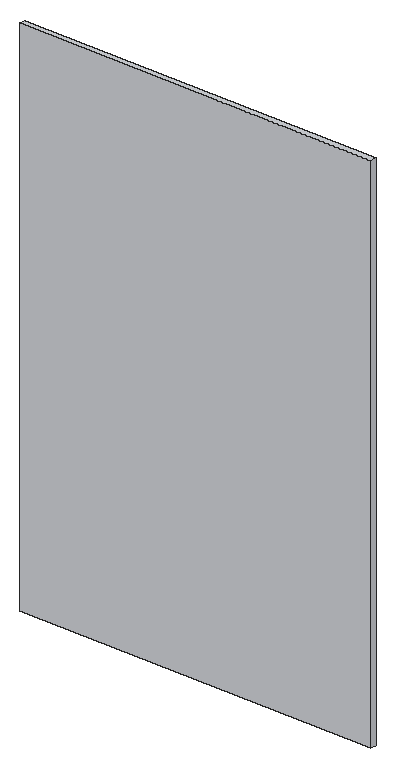
Revit family "Panel_Spandrel Plain", category Curtain Panels, Revit 2024
Family settings
  OmniClass Number = 23.25.20.14.11.11.17
  OmniClass Title = Infill Panels
  Always vertical = Yes
  Cut with Voids When Loaded = No
  Shared = No
Parameters (values of type "Default")
  Width [instance] = 1600 mm
  Panel Thickness = 25 mm
  Offset = 0 mm
  Material Panel = _Default
  Height [instance] = 2400 mm
  Frame Thickness = 0 mm  # constant formula
  Frame Depth = 0 mm  # constant formula
  EA_Repath [instance] = 0 mm
  Define Thermal Properties by = Schematic Type
  Analytic Construction = "<None>"
Reference planes
  plane 1 "Front": y = 0
  plane 2: z = 0
  plane 3 "Center (Left/Right)": x = 0
  plane 4 "Left": x = -800
  plane 5 "Right": x = 800
  plane 6 "Top": z = 2400
  plane 7: y = 0
Text (mm)
  text "Exterior" at (-1379.057, 797.241, 0), in view "Ref. Level"
  text "Exterior" at (12192, 1055.114, 2275.943), in view "Right"
  text "Exterior" at (-6096, 1468.734, 2687.031), in view "Left"
Dimensions and locks
  equal spacing: plane 4 "Left", plane 3 "Center (Left/Right)", plane 5 "Right"
  "Height": plane 2 to plane 6 "Top"
  "Width": plane 4 "Left" to plane 5 "Right"
  "Offset": plane 1 "Front" to plane 7
  aligned and locked: level to plane 2
  aligned and locked: plane 3 "Center (Left/Right)" to nested 1
  aligned and locked: plane 7 to nested 1
Nested families
  nested 1: "CW Panel Assembled Frameless" at (0, 0, 0), Overall Width <- "Width", Overall Height <- "Height", type "Default"
    with Panel Width 1600 mm, Panel Height 2400 mm, Overall Width 1600 mm, Overall Height 2400 mm, Panel Thickness 25 mm
Definition of nested family "CW Panel Assembled Frameless"
  Parameters
    Panel Width [instance] = Overall Width - (2 * Frame Thickness)  # 609.6 mm
    Panel Material = none
    Panel Height [instance] = Overall Height - (2 * Frame Thickness)  # 609.6 mm
    Overall Width [instance] = 609.6 mm
    Frame Material = none
    Overall Height [instance] = 609.6 mm
    Frame Thickness = 0 mm  # constant formula
    Panel Thickness = 19.05 mm
    Frame Depth = 0 mm  # constant formula
    Default Elevation = 0 mm
  Reference planes
    plane 1 "Center (Front/Back)": y = 0
    plane 2: z = 0
    plane 3 "Center (Left/Right)": x = 0
    plane 4: z = 609.6
    plane 5: x = -304.8
    plane 6: x = 304.8
    plane 7: x = -304.8
    plane 8: z = 609.6
    plane 9: x = 304.8
    plane 10: y = 9.525
    plane 11: y = -9.525
    plane 12: z = 0
  Dimensions and locks
    equal spacing: plane 5, plane 3 "Center (Left/Right)", plane 6
    "Frame Thickness": plane 7 to plane 5
    "Frame Thickness": plane 6 to plane 9
    "Frame Thickness": plane 4 to plane 8
    equal spacing: plane 11, plane 1 "Center (Front/Back)", plane 10
    "Panel Thickness": plane 11 to plane 10
    "Frame Thickness": plane 12 to level
    "Panel Width": plane 7 to plane 9
    "Panel Height": plane 8 to plane 12
    aligned and locked: plane 2 to level
    aligned and locked: level to nested 1
    aligned and locked: plane 3 "Center (Left/Right)" to nested 1
  Nested families
    nested 1: "CW Panel" at (0, 0, 0), Overall Width <- "Overall Width", Overall Height <- "Overall Height", Material <- "Panel Material", type "Default"
      with Panel Width 609.6 mm, Panel Height 609.6 mm, Overall Width 609.6 mm, Overall Height 609.6 mm, Material none, Frame Thickness 0 mm
  Definition of nested family "CW Panel"
    Parameters
      Panel Width [instance] = Overall Width - (2 * Frame Thickness)  # 508 mm
      Panel Height [instance] = Overall Height - (2 * Frame Thickness)  # 508 mm
      Overall Width [instance] = 609.6 mm
      Material [instance] = none
      Overall Height [instance] = 609.6 mm
      Frame Thickness = 50.8 mm
      Panel Thickness = 19.05 mm
      Default Elevation = 1219.2 mm
    Reference planes
      plane 1 "Center (Front/Back)": y = 0
      plane 2: z = 0
      plane 3 "Center (Left/Right)": x = 0
      plane 4: z = 609.6
      plane 5: x = -304.8
      plane 6: x = 304.8
      plane 7: x = -254
      plane 8: z = 558.8
      plane 9: x = 254
      plane 10: y = 9.525
      plane 11: y = -9.525
      plane 12: z = 50.8
    Forms (mm)
      Extrusion 1, solid, material <- "Material"
        sketch origin (0, 0, 0) x (1, 0, 0) y (0, 0, 1)
          loop
            line (-254, 558.8) -> (-254, 50.8) -> (254, 50.8) -> (254, 558.8) -> (-254, 558.8)
        from -9.525 to 9.525
    Dimensions and locks
      equal spacing: plane 5, plane 3 "Center (Left/Right)", plane 6
      "Frame Thickness": plane 7 to plane 5
      "Frame Thickness": plane 6 to plane 9
      "Frame Thickness": plane 4 to plane 8
      equal spacing: plane 11, plane 1 "Center (Front/Back)", plane 10
      "Panel Thickness": plane 11 to plane 10
      "Frame Thickness": plane 12 to level
      "Panel Width": plane 7 to plane 9
      "Panel Height": plane 8 to plane 12
      aligned and locked: plane 2 to level
      aligned and locked: Extrusion 1 to plane 10
      aligned and locked: Extrusion 1 to plane 11
      aligned and locked: plane 7 to Extrusion 1
      aligned and locked: plane 8 to Extrusion 1
      aligned and locked: plane 9 to Extrusion 1
      aligned and locked: plane 12 to Extrusion 1
    Automatic sketch dimensions
      level to Extrusion 1 sketch curve = 50.8 mm
      plane 5 to Extrusion 1 sketch curve = 50.8 mm
      plane 6 to Extrusion 1 sketch curve = 50.8 mm
      Extrusion 1 sketch curve to plane 4 = 50.8 mm
